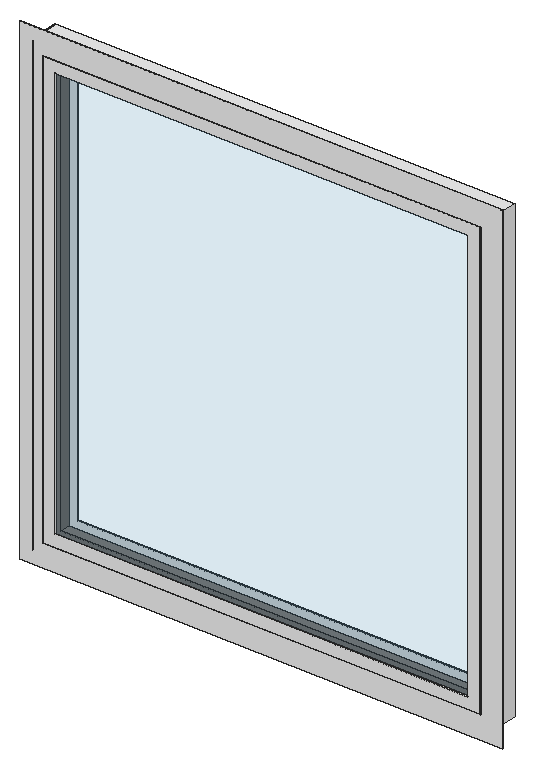
Revit family "Casement_36_G_Top_Hung_Standard", category Windows, host Wall, Revit 2014
Parameters (values of type "Casement_Sash_DG")
  Width Sash [instance] = 30 mm
  Width Sash Inner = 15 mm
  Width Bead = 15 mm
  Top Hung [instance] = yes
  Side Hung Right [instance] = yes
  Side Hung Left [instance] = yes
  Sash Opening Width [instance] = 600 mm
  Sash Opening Height [instance] = 600.312 mm
  Sash Lip = 15 mm
  Glazing Material [instance] = Glass
  DG Start Piece 2 [instance] = DG End Piece 1 + DG Gasket Thickness  # 25 mm
  DG Start Peice 1 [instance] = (Depth Sash - (2 * DG Glazing Thickness) - DG Gasket Thickness) / 2  # 6.6 mm
  Glazing Offset = 5 mm
  DG Glazing Thickness [instance] = 6.4 mm
  DG Gasket Thickness = 12 mm  # constant formula
  DG Gasket Material [instance] = Double Glazing Gasket Material
  DG End Piece 2 [instance] = DG Start Piece 2 + DG Glazing Thickness  # 31.4 mm
  DG End Piece 1 [instance] = DG Start Peice 1 + DG Glazing Thickness  # 13 mm
  Depth Sash [instance] = 38 mm
  Center Vertical Sash [instance] = Sash Opening Height / 2  # 300.156 mm
  Center Horizontal Sash [instance] = Sash Opening Width / 2  # 300 mm
  Bottom Hung [instance] = yes
  Bead Offset = 15 mm
  Aluminium Thickness = 1 mm
  Aluminium Material [instance] = White Powder Coated Aluminium
Reference planes
  plane 1 "Center (Front/Back)": y = 0
  plane 2: z = 0
  plane 3 "Center (Left/Right)": x = 0
Forms (mm)
  Sweep 1, solid, material "White Powder Coated Aluminium" <- "Aluminium Material"
    path origin (16.177, 0, 121.331) x (1, 0, 0) y (0, 0, 1)
      loop
        line (0, 0) -> (600, 0) -> (600, 600.312) -> (0, 600.312) -> (0, 0)
    profile origin (316.177, 0, 121.331) x (0, 0, 1) y (0, -1, 0)
      loop
        line (0, 0) -> (30, 0) -> (30, 1) -> (15, 1) -> (15, 38) -> (-15, 38) -> (-15, 37) -> (0, 37) -> (0, 0)
      loop
        line (14, 1) -> (14, 37) -> (1, 37) -> (1, 1) -> (14, 1)
  Sweep 2, solid, material "White Powder Coated Aluminium" <- "Aluminium Material"
    path origin (0, 0, 0) x (1, 0, 0) y (0, 0, 1)
      loop
        line (31.177, 706.643) -> (31.177, 136.331) -> (601.177, 136.331) -> (601.177, 706.643) -> (31.177, 706.643)
    profile origin (316.177, 0, 706.643) x (0, 0, 1) y (0, -1, 0)
      loop
        line (0, 37) -> (0, 38) -> (-15, 38) -> (-15, 37) -> (0, 37)
  Extrusion 3, solid, material "Glass" <- "Glazing Material"
    sketch origin (0, 0, 0) x (1, 0, 0) y (0, 0, 1)
      loop
        line (36.177, 701.643) -> (36.177, 141.331) -> (596.177, 141.331) -> (596.177, 701.643) -> (36.177, 701.643)
    from 6.6 <- "DG Start Peice 1" to 13 <- "DG End Piece 1"
  Extrusion 4, solid, material "Glass" <- "Glazing Material"
    sketch origin (0, 0, 0) x (1, 0, 0) y (0, 0, 1)
      loop
        line (36.177, 701.643) -> (36.177, 141.331) -> (596.177, 141.331) -> (596.177, 701.643) -> (36.177, 701.643)
    from 31.4 <- "DG End Piece 2" to 25 <- "DG Start Piece 2"
  Sweep 5, solid, material "Double Glazing Gasket Material" <- "DG Gasket Material"
    path origin (0, -13, 0) x (1, 0, 0) y (0, 0, 1)
      loop
        line (36.177, 701.643) -> (36.177, 141.331) -> (596.177, 141.331) -> (596.177, 701.643) -> (36.177, 701.643)
    profile origin (316.177, -13, 701.643) x (0, 0, 1) y (0, -1, 0)
      loop
        line (0, 0) -> (0, 12) -> (-7.96, 12) -> (-7.96, 0) -> (0, 0)
Lines and regions (mm)
  model lines
    curve 1: line (1.177, -38, 736.643) -> (31.177, -38, 706.643)
    curve 2: line (601.177, -38, 706.643) -> (631.177, -38, 736.643)
    curve 3: line (601.177, -38, 136.331) -> (631.177, -38, 106.331)
    curve 4: line (1.177, -38, 106.331) -> (31.177, -38, 136.331)
    curve 5: line (631.177, -37, 736.643) -> (616.177, -37, 721.643)
    curve 6: line (1.177, -37, 736.643) -> (16.177, -37, 721.643)
    curve 7: line (1.177, -37, 106.331) -> (16.177, -37, 121.331)
    curve 8: line (631.177, -37, 106.331) -> (616.177, -37, 121.331)
    curve 9: line (616.177, 0, 121.331) -> (586.177, 0, 151.331)
    curve 10: line (46.177, 0, 151.331) -> (16.177, 0, 121.331)
    curve 11: line (616.177, 0, 721.643) -> (586.177, 0, 691.643)
    curve 12: line (46.177, 0, 691.643) -> (16.177, 0, 721.643)
    curve 13: line (31.177, -38, 691.643) -> (46.177, -38, 691.643)
    curve 14: line (586.177, -38, 691.643) -> (601.177, -38, 691.643)
    curve 15: line (586.177, -38, 151.331) -> (601.177, -38, 151.331)
    curve 16: line (31.177, -38, 151.331) -> (46.177, -38, 151.331)
  model lines, style "GenericModelHiddenLines", visible <- "Top Hung"
    curve 17: line (46.386, -31.4, 690.914) -> (316.177, -31.4, 151.331)
    curve 18: line (316.177, -31.4, 151.331) -> (586.177, -31.4, 691.331)
  model lines, style "GenericModelHiddenLines", visible <- "Bottom Hung"
    curve 19: line (46.177, -31.4, 151.331) -> (316.177, -31.4, 691.331)
    curve 20: line (316.177, -31.4, 691.331) -> (586.177, -31.4, 151.331)
  model lines, style "GenericModelHiddenLines", visible <- "Side Hung Left"
    curve 21: line (46.386, -31.4, 690.914) -> (585.24, -31.4, 421.487)
    curve 22: line (585.24, -31.4, 421.487) -> (46.177, -31.4, 151.331)
  model lines, style "GenericModelHiddenLines", visible <- "Side Hung Right"
    curve 23: line (586.177, -31.4, 691.331) -> (46.177, -31.4, 421.487)
    curve 24: line (46.177, -31.4, 421.487) -> (586.177, -31.4, 151.331)
Dimensions and locks
  "Aluminium Thickness": Sweep 1 sketch curve to Sweep 1 sketch curve  (x4)
  "Depth Sash": Sweep 1 sketch curve to Sweep 1 sketch curve
  "Sash Opening Width": Sweep 1 to Sweep 1
  "Sash Opening Height": Sweep 1 to Sweep 1
  "Width Sash": Sweep 1 sketch curve to Sweep 1 sketch curve  (x2)
  "Width Sash Inner": Sweep 1 sketch curve to Sweep 1 sketch curve
  "Sash Lip": Sweep 1 sketch curve to Sweep 1 sketch curve
  "Aluminium Thickness": Sweep 1 to Sweep 2 sketch curve
  "Glazing Offset": Sweep 2 to Extrusion 3 sketch curve  (x3)
  "Glazing Offset": Extrusion 3 sketch curve to Sweep 2
  Sweep 1 to Sweep 1 = 1 mm
  "Aluminium Thickness": Sweep 2 sketch curve to Sweep 2 sketch curve
  "Width Bead": Sweep 2 sketch curve to Sweep 2 sketch curve
  locked: Sweep 5 sketch curve to Sweep 5 sketch curve at 7.96
  "Center Horizontal Sash": Sweep 1 to curve 18
  "Center Horizontal Sash": Sweep 1 to curve 20
  "Center Vertical Sash": Sweep 1 to curve 22
  "Center Vertical Sash": Sweep 1 to curve 24
  aligned and locked: level to plane 2
  aligned and locked: Sweep 1 sketch curve to Sweep 1 sketch curve  (x2)
  aligned and locked: Sweep 2 sketch curve to Sweep 1  (x5)
  aligned and locked: Extrusion 4 sketch curve to Extrusion 3  (x4)
  aligned and locked: Sweep 5 sketch curve to Extrusion 3  (x5)
  aligned and locked: Extrusion 3 to Sweep 5 sketch curve
Automatic sketch dimensions
  plane 3 "Center (Left/Right)" to Sweep 1 sketch curve = 16.177 mm
  level to Sweep 1 sketch curve = 121.331 mm
  plane 3 "Center (Left/Right)" to Sweep 1 sketch curve = 616.177 mm
  level to Sweep 1 sketch curve = 721.643 mm
  profile plane to Sweep 5 sketch curve = 12 mm
  curve 7 to Sweep 1 = 0 mm  (x4)
  curve 6 to Sweep 1 = 0 mm  (x3)
  Sweep 1 to curve 6 = 0 mm
  curve 5 to Sweep 1 = 0 mm  (x3)
  curve 8 to Sweep 1 = 0 mm  (x4)
  Sweep 1 to curve 5 = 0 mm
  curve 16 to Sweep 2 = 0 mm  (x3)
  curve 13 to Sweep 2 = 0 mm  (x3)
  curve 15 to Sweep 2 = 0 mm
  Sweep 2 to curve 15 = 0 mm  (x2)
  curve 14 to Sweep 2 = 0 mm  (x2)
  Sweep 2 to curve 14 = 0 mm
  curve 1 to Sweep 1 = 0 mm  (x4)
  curve 4 to Sweep 1 = 0 mm  (x3)
  Sweep 1 to curve 4 = 0 mm
  curve 3 to Sweep 1 = 0 mm  (x3)
  curve 2 to Sweep 1 = 0 mm  (x4)
  Sweep 1 to curve 3 = 0 mm
  curve 10 to Sweep 1 = 0 mm  (x4)
  curve 12 to Sweep 1 = 0 mm  (x3)
  Sweep 1 to curve 12 = 0 mm
  curve 9 to Sweep 1 = 0 mm  (x4)
  curve 11 to Sweep 1 = 0 mm  (x3)
  Sweep 1 to curve 11 = 0 mm
  Sweep 1 sketch curve to plane 1 "Center (Front/Back)" = 0 mm
  profile plane to Sweep 1 sketch curve = 0 mm
  curve 21 to Extrusion 4 = 10.208 mm
  curve 19 to Extrusion 4 = 10 mm
  curve 23 to Extrusion 4 = 10 mm  (x2)
  curve 22 to Extrusion 4 = 10.937 mm
  curve 20 to Extrusion 4 = 10 mm
  curve 24 to Extrusion 4 = 10 mm
  curve 22 to Extrusion 4 = 10 mm
  curve 18 to Extrusion 4 = 10 mm
  curve 21 to Extrusion 4 = 10.729 mm
  curve 19 to Extrusion 4 = 10.312 mm
  curve 18 to Extrusion 4 = 10.312 mm
Types in the file's own list only (12): name | Windload Design | Width Sash Opening | Width Sash 2 | Width Sash 1 | Width Profile | Width Panel 4 | Width Panel 2 | Width Panel 1 | Width | URL | Rough Width | Max System DG Unit Thickness | Max System DG One Piece Thickness | Max Pane Area | Limit Sash Height Bottom Min | Limit Sash Height Bottom Max | Limit Sash Bottom Height Max Based On Top Sash | Limit Fixed Pane Width Min | Limit Fixed Pane Width Max | Limit Fixed Pane Height Min | Limit Fixed Pane Height Max | Intruderprufe U Value | Intruderprufe SHGC Value | Intruderprufe LowE U Value | Intruderprufe LowE SHGC Value | Intruderprufe Insulated U Value | Intruderprufe Insulated SHGC Value | Intruderprufe Insulated LowE U Value | Intruderprufe Insulated LowE SHGC Value | Height Sash Top Opening | Height Sash Bottom Opening | Height | Energy Advantage U Value | Energy Advantage SHGC Value | DG Thickness Calc | Custom Window Width | Custom Window Height | Custom Windload | Custom Sash Width | Sash Spacing Inner | Sash Overlap | Sash Center Offset | SG Gasket Thickness | Offset Window Exterior | Offset Sash Left | Offset Sash 2 Top | Offset Sash 1 Top | Offset Panel 4 Left | Offset Mullion Left | Offset Transom 1 Top | Offset Bead SG Center Reversed | Model | Manufacturer | Limit Window Width Min | Limit Window Width Max | Limit Window Height Max | Limit Sash Width Min | Limit Sash Width Max | Limit Sash Height Top Min | Limit Sash Height Top Max | Length Transom | Length Mullion | Height Sash 2 | Height Sash 1 | Height Panel 4 | Height Panel 2 | Height Panel 1 | Description | Depth Mullion | Frame Center Offset | Depth Bead | Default Sill Height | Wall Closure | DG Gasket Finish | DG Extrusion Start | Mullion Depth Windload Based | Window Exterior Offset | Custom Sash Height Top | Custom Sash Height Bottom | Clearvue U Value | Clearvue SHGC Value | Clearvue Insulated U Value | Clearvue Insulated SHGC Value | Clearvue Insulated LowE U Value | Clearvue Insulated LowE SHGC Value | Casement Dimension | Bottom Hung | Bead SG Gap | Area Pane Right | Area Pane Left Top | Area Pane Left Bottom
  36-1212DT-1000Pa | 1000 mm | 569 mm | 539 mm | 539 mm | 30 mm | 545 mm | 555 mm | 555 mm | 1190 mm | "http://www.crealco.co.za/crealco-products.php" | 16 mm | 25 mm | 6 mm | 0.60 m² | 300 mm | 900 mm | 1229 mm | 200 mm | 1500 mm | 200 mm | 1800 mm | 8.16 | 0.759 | 6.31 | 0.669 | 5.45 | 0.643 | 4.81 | 0.591 | 569 mm | 569 mm | 1200 mm | 6.46 | 0.714 | 4 mm | 1190 mm | 1190 mm | 1000 mm | 569 mm | 8 mm | 7 mm | 15 mm | 6 mm | 18 mm | 23 mm | 608 mm | 23 mm | 615 mm | 585 mm | 585 mm | 18 mm | "Casement 36" | "Crealco" | 845 mm | 2145 mm | 1860 mm | 300 mm | 1200 mm | 300 mm | 900 mm | 555 mm | 1200 mm | 539 mm | 539 mm | 1140 mm | 555 mm | 555 mm | "Window 36mm, Type G top hung" | 37 mm | 18 mm | 22 mm | 800 mm | By host | Double Glazing Gasket Material | 8 mm | 37 mm | 0 mm | 569 mm | 569 mm | 8.34 | 0.796 | 5.59 | 0.7 | 4.92 | 0.639 | 36 mm | No | 13 mm | 0.60 m² | 0.25 m² | 0.25 m²
  36-1512DT-1000Pa | 1000 mm | 569 mm | 539 mm | 539 mm | 30 mm | 845 mm | 555 mm | 555 mm | 1490 mm | "http://www.crealco.co.za/crealco-products.php" | 16 mm | 25 mm | 6 mm | 0.94 m² | 300 mm | 900 mm | 1229 mm | 200 mm | 1500 mm | 200 mm | 1800 mm | 8.64 | 0.865 | 6.48 | 0.763 | 5.49 | 0.734 | 4.74 | 0.671 | 569 mm | 569 mm | 1200 mm | 6.64 | 0.814 | 4 mm | 1490 mm | 1190 mm | 1000 mm | 569 mm | 8 mm | 7 mm | 15 mm | 6 mm | 18 mm | 23 mm | 608 mm | 23 mm | 615 mm | 585 mm | 585 mm | 18 mm | "Casement 36" | "Crealco" | 845 mm | 2145 mm | 1860 mm | 300 mm | 1200 mm | 300 mm | 900 mm | 555 mm | 1200 mm | 539 mm | 539 mm | 1140 mm | 555 mm | 555 mm | "Window 36mm, Type G top hung" | 37 mm | 18 mm | 22 mm | 800 mm | By host | Double Glazing Gasket Material | 8 mm | 37 mm | 0 mm | 569 mm | 569 mm | 8.83 | 0.909 | 5.63 | 0.8 | 4.85 | 0.73 | 36 mm | No | 13 mm | 0.94 m² | 0.25 m² | 0.25 m²
  36-1812DT-1000Pa | 1000 mm | 900 mm | 870 mm | 870 mm | 30 mm | 814 mm | 886 mm | 886 mm | 1790 mm | "http://www.crealco.co.za/crealco-products.php" | 16 mm | 25 mm | 6 mm | 0.91 m² | 300 mm | 900 mm | 1229 mm | 200 mm | 1500 mm | 200 mm | 1800 mm | 8.04 | 0.814 | 6.01 | 0.717 | 5.08 | 0.691 | 4.37 | 0.631 | 569 mm | 569 mm | 1200 mm | 6.15 | 0.766 | 4 mm | 1790 mm | 1190 mm | 1000 mm | 900 mm | 8 mm | 7 mm | 15 mm | 6 mm | 18 mm | 23 mm | 608 mm | 23 mm | 946 mm | 916 mm | 585 mm | 18 mm | "Casement 36" | "Crealco" | 1176 mm | 2476 mm | 1860 mm | 300 mm | 1200 mm | 300 mm | 900 mm | 886 mm | 1200 mm | 539 mm | 539 mm | 1140 mm | 555 mm | 555 mm | "Window 36mm, Type G top hung" | 37 mm | 18 mm | 22 mm | 800 mm | By host | Double Glazing Gasket Material | 8 mm | 37 mm | 0 mm | 569 mm | 569 mm | 8.22 | 0.855 | 5.2 | 0.753 | 4.47 | 0.687 | 36 mm | No | 13 mm | 0.91 m² | 0.41 m² | 0.41 m²
  36-2412DT-1000Pa | 1000 mm | 900 mm | 870 mm | 870 mm | 30 mm | 1414 mm | 886 mm | 886 mm | 2390 mm | "http://www.crealco.co.za/crealco-products.php" | 16 mm | 25 mm | 6 mm | 1.59 m² | 300 mm | 900 mm | 1229 mm | 200 mm | 1500 mm | 200 mm | 1800 mm | 5.95 | 0.644 | 4.33 | 0.567 | 3.58 | 0.548 | 3.01 | 0.499 | 569 mm | 569 mm | 1200 mm | 7.9 | 0 | 4 mm | 2390 mm | 1190 mm | 1000 mm | 900 mm | 8 mm | 7 mm | 15 mm | 6 mm | 18 mm | 23 mm | 608 mm | 23 mm | 946 mm | 916 mm | 585 mm | 18 mm | "Casement 36" | "Crealco" | 1176 mm | 2476 mm | 1860 mm | 300 mm | 1200 mm | 300 mm | 900 mm | 886 mm | 1200 mm | 539 mm | 539 mm | 1140 mm | 555 mm | 555 mm | "Window 36mm, Type G top hung" | 37 mm | 18 mm | 22 mm | 800 mm | By host | Double Glazing Gasket Material | 8 mm | 37 mm | 0 mm | 569 mm | 569 mm | 7.9 | 0 | 3.67 | 0.597 | 3.08 | 0.543 | 36 mm | No | 13 mm | 1.59 m² | 0.41 m² | 0.41 m²
  36-1212DT-1500Pa | 1500 mm | 569 mm | 539 mm | 539 mm | 30 mm | 545 mm | 555 mm | 555 mm | 1190 mm | "http://www.crealco.co.za/crealco-products.php" | 16 mm | 25 mm | 6 mm | 0.60 m² | 300 mm | 900 mm | 1229 mm | 200 mm | 1500 mm | 200 mm | 1800 mm | 8.16 | 0.759 | 6.31 | 0.669 | 5.45 | 0.643 | 4.81 | 0.591 | 569 mm | 569 mm | 1200 mm | 6.46 | 0.714 | 4 mm | 1190 mm | 1190 mm | 1500 mm | 569 mm | 8 mm | 7 mm | 15 mm | 6 mm | 18 mm | 23 mm | 608 mm | 23 mm | 615 mm | 585 mm | 585 mm | 18 mm | "Casement 36" | "Crealco" | 845 mm | 2145 mm | 1860 mm | 300 mm | 1200 mm | 300 mm | 900 mm | 555 mm | 1200 mm | 539 mm | 539 mm | 1140 mm | 555 mm | 555 mm | "Window 36mm, Type G top hung" | 37 mm | 18 mm | 22 mm | 800 mm | By host | Double Glazing Gasket Material | 8 mm | 37 mm | 0 mm | 569 mm | 569 mm | 8.34 | 0.796 | 5.59 | 0.7 | 4.92 | 0.639 | 36 mm | No | 13 mm | 0.60 m² | 0.25 m² | 0.25 m²
  36-1212DT-2000Pa | 2000 mm | 569 mm | 539 mm | 539 mm | 30 mm | 545 mm | 555 mm | 555 mm | 1190 mm | "http://www.crealco.co.za/crealco-products.php" | 16 mm | 25 mm | 6 mm | 0.60 m² | 300 mm | 900 mm | 1229 mm | 200 mm | 1500 mm | 200 mm | 1800 mm | 8.23 | 0.762 | 6.39 | 0.671 | 5.5 | 0.644 | 4.86 | 0.59 | 569 mm | 569 mm | 1200 mm | 6.53 | 0.716 | 4 mm | 1190 mm | 1190 mm | 2000 mm | 569 mm | 8 mm | 7 mm | 15 mm | 6 mm | 18 mm | 23 mm | 608 mm | 23 mm | 615 mm | 585 mm | 585 mm | 18 mm | "Casement 36" | "Crealco" | 845 mm | 2145 mm | 1860 mm | 300 mm | 1200 mm | 300 mm | 900 mm | 555 mm | 1200 mm | 539 mm | 539 mm | 1140 mm | 555 mm | 555 mm | "Window 36mm, Type G top hung" | 54 mm | 18 mm | 22 mm | 800 mm | By host | Double Glazing Gasket Material | 8 mm | 54 mm | 0 mm | 569 mm | 569 mm | 8.4 | 0.798 | 5.62 | 0.701 | 4.96 | 0.639 | 36 mm | No | 13 mm | 0.60 m² | 0.25 m² | 0.25 m²
  36-1512DT-1500Pa | 1500 mm | 569 mm | 539 mm | 539 mm | 30 mm | 845 mm | 555 mm | 555 mm | 1490 mm | "http://www.crealco.co.za/crealco-products.php" | 16 mm | 25 mm | 6 mm | 0.94 m² | 300 mm | 900 mm | 1229 mm | 200 mm | 1500 mm | 200 mm | 1800 mm | 8.67 | 0.864 | 6.53 | 0.761 | 5.55 | 0.733 | 4.8 | 0.672 | 569 mm | 569 mm | 1200 mm | 6.68 | 0.813 | 4 mm | 1490 mm | 1190 mm | 1500 mm | 569 mm | 8 mm | 7 mm | 15 mm | 6 mm | 18 mm | 23 mm | 608 mm | 23 mm | 615 mm | 585 mm | 585 mm | 18 mm | "Casement 36" | "Crealco" | 845 mm | 2145 mm | 1860 mm | 300 mm | 1200 mm | 300 mm | 900 mm | 555 mm | 1200 mm | 539 mm | 539 mm | 1140 mm | 555 mm | 555 mm | "Window 36mm, Type G top hung" | 54 mm | 18 mm | 22 mm | 800 mm | By host | Double Glazing Gasket Material | 8 mm | 54 mm | 0 mm | 569 mm | 569 mm | 8.87 | 0.908 | 5.68 | 0.799 | 4.91 | 0.728 | 36 mm | No | 13 mm | 0.94 m² | 0.25 m² | 0.25 m²
  36-1512DT-2000Pa | 2000 mm | 569 mm | 539 mm | 539 mm | 30 mm | 845 mm | 555 mm | 555 mm | 1490 mm | "http://www.crealco.co.za/crealco-products.php" | 16 mm | 25 mm | 6 mm | 0.94 m² | 300 mm | 900 mm | 1229 mm | 200 mm | 1500 mm | 200 mm | 1800 mm | 8.67 | 0.864 | 6.53 | 0.761 | 5.55 | 0.733 | 4.8 | 0.672 | 569 mm | 569 mm | 1200 mm | 6.68 | 0.813 | 4 mm | 1490 mm | 1190 mm | 2000 mm | 569 mm | 8 mm | 7 mm | 15 mm | 6 mm | 18 mm | 23 mm | 608 mm | 23 mm | 615 mm | 585 mm | 585 mm | 18 mm | "Casement 36" | "Crealco" | 845 mm | 2145 mm | 1860 mm | 300 mm | 1200 mm | 300 mm | 900 mm | 555 mm | 1200 mm | 539 mm | 539 mm | 1140 mm | 555 mm | 555 mm | "Window 36mm, Type G top hung" | 54 mm | 18 mm | 22 mm | 800 mm | By host | Double Glazing Gasket Material | 8 mm | 54 mm | 0 mm | 569 mm | 569 mm | 8.87 | 0.908 | 5.68 | 0.799 | 4.91 | 0.728 | 36 mm | No | 13 mm | 0.94 m² | 0.25 m² | 0.25 m²
  36-1812DT-1500Pa | 1500 mm | 900 mm | 870 mm | 870 mm | 30 mm | 814 mm | 886 mm | 886 mm | 1790 mm | "http://www.crealco.co.za/crealco-products.php" | 16 mm | 25 mm | 6 mm | 0.91 m² | 300 mm | 900 mm | 1229 mm | 200 mm | 1500 mm | 200 mm | 1800 mm | 8.07 | 0.813 | 6.05 | 0.716 | 5.12 | 0.69 | 4.41 | 0.632 | 569 mm | 569 mm | 1200 mm | 6.19 | 0.765 | 4 mm | 1790 mm | 1190 mm | 1500 mm | 900 mm | 8 mm | 7 mm | 15 mm | 6 mm | 18 mm | 23 mm | 608 mm | 23 mm | 946 mm | 916 mm | 585 mm | 18 mm | "Casement 36" | "Crealco" | 1176 mm | 2476 mm | 1860 mm | 300 mm | 1200 mm | 300 mm | 900 mm | 886 mm | 1200 mm | 539 mm | 539 mm | 1140 mm | 555 mm | 555 mm | "Window 36mm, Type G top hung" | 54 mm | 18 mm | 22 mm | 800 mm | By host | Double Glazing Gasket Material | 8 mm | 54 mm | 0 mm | 569 mm | 569 mm | 8.25 | 0.854 | 5.25 | 0.752 | 4.51 | 0.685 | 36 mm | No | 13 mm | 0.91 m² | 0.41 m² | 0.41 m²
  36-1812DT-2000Pa | 2000 mm | 900 mm | 870 mm | 870 mm | 30 mm | 814 mm | 886 mm | 886 mm | 1790 mm | "http://www.crealco.co.za/crealco-products.php" | 16 mm | 25 mm | 6 mm | 0.91 m² | 300 mm | 900 mm | 1229 mm | 200 mm | 1500 mm | 200 mm | 1800 mm | 8.07 | 0.813 | 6.05 | 0.716 | 5.12 | 0.69 | 4.41 | 0.632 | 569 mm | 569 mm | 1200 mm | 6.19 | 0.765 | 4 mm | 1790 mm | 1190 mm | 2000 mm | 900 mm | 8 mm | 7 mm | 15 mm | 6 mm | 18 mm | 23 mm | 608 mm | 23 mm | 946 mm | 916 mm | 585 mm | 18 mm | "Casement 36" | "Crealco" | 1176 mm | 2476 mm | 1860 mm | 300 mm | 1200 mm | 300 mm | 900 mm | 886 mm | 1200 mm | 539 mm | 539 mm | 1140 mm | 555 mm | 555 mm | "Window 36mm, Type G top hung" | 54 mm | 18 mm | 22 mm | 800 mm | By host | Double Glazing Gasket Material | 8 mm | 54 mm | 0 mm | 569 mm | 569 mm | 8.25 | 0.854 | 5.25 | 0.752 | 4.51 | 0.685 | 36 mm | No | 13 mm | 0.91 m² | 0.41 m² | 0.41 m²
  36-2412DT-1500Pa | 1500 mm | 900 mm | 870 mm | 870 mm | 30 mm | 1414 mm | 886 mm | 886 mm | 2390 mm | "http://www.crealco.co.za/crealco-products.php" | 16 mm | 25 mm | 6 mm | 1.59 m² | 300 mm | 900 mm | 1229 mm | 200 mm | 1500 mm | 200 mm | 1800 mm | 5.95 | 0.644 | 4.36 | 0.566 | 3.62 | 0.547 | 3.04 | 0.499 | 569 mm | 569 mm | 1200 mm | 7.9 | 0 | 4 mm | 2390 mm | 1190 mm | 1500 mm | 900 mm | 8 mm | 7 mm | 15 mm | 6 mm | 18 mm | 23 mm | 608 mm | 23 mm | 946 mm | 916 mm | 585 mm | 18 mm | "Casement 36" | "Crealco" | 1176 mm | 2476 mm | 1860 mm | 300 mm | 1200 mm | 300 mm | 900 mm | 886 mm | 1200 mm | 539 mm | 539 mm | 1140 mm | 555 mm | 555 mm | "Window 36mm, Type G top hung" | 54 mm | 18 mm | 22 mm | 800 mm | By host | Double Glazing Gasket Material | 8 mm | 54 mm | 0 mm | 569 mm | 569 mm | 7.9 | 0 | 3.7 | 0.596 | 3.11 | 0.542 | 36 mm | No | 13 mm | 1.59 m² | 0.41 m² | 0.41 m²
  36-2412DT-2000Pa | 2000 mm | 900 mm | 870 mm | 870 mm | 30 mm | 1414 mm | 886 mm | 886 mm | 2390 mm | "http://www.crealco.co.za/crealco-products.php" | 16 mm | 25 mm | 6 mm | 1.59 m² | 300 mm | 900 mm | 1229 mm | 200 mm | 1500 mm | 200 mm | 1800 mm | 5.95 | 0.644 | 4.36 | 0.566 | 3.62 | 0.547 | 3.04 | 0.499 | 569 mm | 569 mm | 1200 mm | 7.9 | 0 | 4 mm | 2390 mm | 1190 mm | 2000 mm | 900 mm | 8 mm | 7 mm | 15 mm | 6 mm | 18 mm | 23 mm | 608 mm | 23 mm | 946 mm | 916 mm | 585 mm | 18 mm | "Casement 36" | "Crealco" | 1176 mm | 2476 mm | 1860 mm | 300 mm | 1200 mm | 300 mm | 900 mm | 886 mm | 1200 mm | 539 mm | 539 mm | 1140 mm | 555 mm | 555 mm | "Window 36mm, Type G top hung" | 54 mm | 18 mm | 22 mm | 800 mm | By host | Double Glazing Gasket Material | 8 mm | 54 mm | 0 mm | 569 mm | 569 mm | 7.9 | 0 | 3.7 | 0.596 | 3.11 | 0.542 | 36 mm | No | 13 mm | 1.59 m² | 0.41 m² | 0.41 m²
